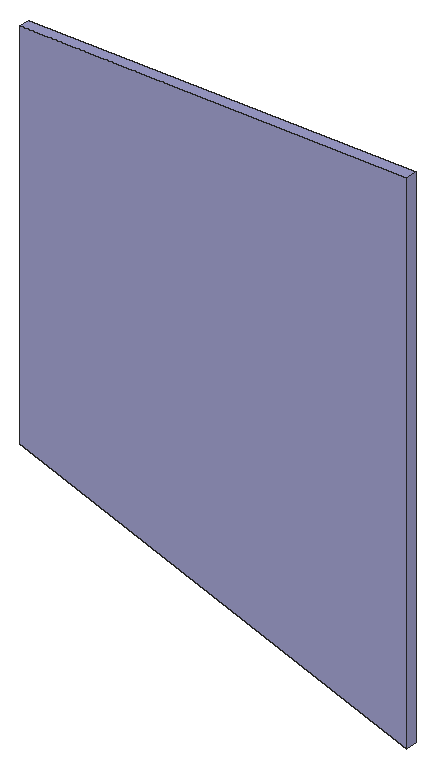
Revit family "EXP_WT-3_CPan-004", category Curtain Panels, Revit 2021
Family settings
  OmniClass Number = 23.25.20.14.11.11.17
  OmniClass Title = Infill Panels
  Always vertical = Yes
  Cut with Voids When Loaded = No
  Shared = No
Parameters
  UI-UnitNumber [instance] = "001"
  UI-Quadrant [instance] = "SE"
  UI-ProjectAbbreviation = "NEU"
  UI-ItemCategory = "PID"
  UI-FloorNumber [instance] = "03"
  PNT-WallType = "WT3"
  PNT-ProjectAbbreviation = "NEU"
  PNT-PanelType [instance] = "01"
  PNT-ItemCategory = "PNL"
  GlassSPH [instance] = 0' - 2 3/8"
  GlassH1 = IG-9F(Glass)
  Define Thermal Properties by = Schematic Type
  CellSxH1 [instance] = CellSxH  # 9' - 8.09616"
  CellSxH [instance] = 9' - 8.09616"
  CellSp = 0' - 11"
  CellL [instance] = 7' - 4"
  CellH [instance] = 15' - 11 1/2"
  CellDxH1 [instance] = CellDxH  # 7' - 1.09616"
  CellDxH [instance] = 7' - 1.09616"
  Analytic Construction = "<None>"
Reference planes (in)
  plane 1 "Center (Front/Back)": y = 0
  plane 2: z = 0
  plane 3 "Center (Left/Right)": x = 0
  plane 4 "Left": x = -44
  plane 5 "Right": x = 44
  plane 6 "Top": z = 191.5
  plane 7: y = -11
  plane 8: z = 75.40384
  plane 9: z = 106.40384
Forms (in)
  Extrusion 1, solid, material "IG-9F(Glass)" <- "GlassH1", detail levels coarse+medium
    sketch origin (0, 0, 0) x (1, 0, 0) y (0, 0, 1)
      loop
        line (44, 191.5) -> (-44, 191.5) -> (-44, 106.40384) -> (44, 75.40384) -> (44, 191.5)
    from 0 to 11
Lines and regions (in)
  reference lines
    curve 1: line (44, 0, 75.40384) -> (-44, 0, 106.40384)
Text (in)
  text "Exterior" at (-92.59733, 55.75508, 0), in view "Ref. Level"
  text "Exterior" at (0, 90.18664, 173.49264), in view "Left"
  text "Exterior" at (0, 52.29083, 162.21847), in view "Right"
Dimensions and locks (in)
  equal spacing: plane 4 "Left", plane 3 "Center (Left/Right)", plane 5 "Right"  (x2)
  "CellL": plane 4 "Left" to plane 5 "Right"
  "CellH": plane 2 to plane 6 "Top"
  "CellSp": plane 7 to plane 1 "Center (Front/Back)"
  "CellSxH": plane 8 to plane 6 "Top"
  "CellDxH": plane 9 to plane 6 "Top"
  aligned and locked: level to plane 2
  aligned and locked: plane 5 "Right" to Extrusion 1 sketch curve
  aligned and locked: Extrusion 1 sketch curve to curve 1
  aligned and locked: plane 4 "Left" to Extrusion 1 sketch curve
  aligned and locked: plane 6 "Top" to Extrusion 1 sketch curve
  aligned and locked: Extrusion 1 to plane 7
  aligned and locked: Extrusion 1 to plane 1 "Center (Front/Back)"
  aligned and locked: plane 1 "Center (Front/Back)" to nested 1
  aligned and locked: nested 1 to plane 6 "Top"
  aligned and locked: plane 9 to nested 1
  aligned and locked: plane 8 to nested 1
  aligned and locked: plane 5 "Right" to nested 1
  aligned and locked: plane 4 "Left" to nested 1
Automatic sketch dimensions
  plane 4 "Left" to curve 1 = 0' - 0"
  plane 5 "Right" to curve 1 = 0' - 0"
  curve 1 to plane 8 = 0' - 0"
  curve 1 to plane 9 = 0' - 0"
Nested families (in)
  nested 1: "EXP_WT-1x_IG-004" at (0, 0, 141.75708), MaterialGlass <- "GlassH1", GlassSP <- "GlassSPH", type "EXP_WT-1x_IG-004", detail levels fine
    with MaterialGlass IG-9F(Glass), GlassSP 0' - 2 3/8", GlassL 7' - 3", CellSxH 7' - 1.09616", CellL 7' - 4", CellH 8' - 3.48584", CellDxH 9' - 8.09616", GlassHSX 7' - 0 31/128", GlassHDX 9' - 6.88991", GlassAngleB 70.594°, GlassAngleA 109.406°
Definition of nested family "EXP_WT-1x_IG-004"
  Parameters (values of type "H_GlassSP 2 3/8"")
    MaterialGlass [instance] = none
    GlassSP [instance] = 0' - 2 3/8"
    GlassL [instance] = CellL - (GlassD1 + GlassD3)  # 4' - 2.9685"
    GlassHSX [instance] = 5' - 6.55229"
    GlassHDX [instance] = 4' - 3.87954"
    GlassD4 = 0' - 0 1/2"
    GlassD3 = 0' - 0 1/2"
    GlassD2 = 0' - 0 1/2"
    GlassD1 = 0' - 0 1/2"
    GlassAngleB [instance] = 106.06°
    GlassAngleA [instance] = 73.94°
    GMPI-ProjectAbbreviation = "NEU"
    GMPI-IteamCategory = "GLS"
    DistanceFacade = 0' - 4.72441"
    Default Elevation = 0' - 0"
    CellSxH [instance] = 5' - 7.71654"
    CellL [instance] = 4' - 3.9685"
    CellH [instance] = 6' - 8.58489"
    CellDxH [instance] = 4' - 4.75591"
  Reference planes (in)
    plane 1 "Center (Front/Back)": y = 0
    plane 2: z = 0
    plane 3 "Center (Left/Right)": x = 0
    plane 4: x = -25.98425
    plane 5: x = 25.98425
    plane 6: z = 40.29245
    plane 7: x = -25.48425
    plane 8: x = 25.48425
    plane 9: z = -40.29245
    plane 10: z = -12.46346
    plane 11: z = -27.42409
    plane 12: z = 39.79245
  Forms (in)
    Extrusion 1, solid, material <- "MaterialGlass"
      sketch origin (0, 0, 0) x (1, 0, 0) y (0, 0, 1)
        loop
          line (-25.48425, 39.79245) -> (-25.48425, -26.75984) -> (25.48425, -12.08709) -> (25.48425, 39.79245) -> (-25.48425, 39.79245)
      from 0 to 2.375 <- "GlassSP"
  Lines and regions (in)
    reference lines
      curve 1: line (-25.98425, 0, -27.42409) -> (25.98425, 0, -12.46346)
      curve 2: line (-26.311, 0, -26.99785) -> (25.65751, 0, -12.03722)
  Dimensions and locks (in)
    equal spacing: plane 6, level, plane 9
    "CellH": plane 6 to plane 9
    equal spacing: plane 4, plane 3 "Center (Left/Right)", plane 5
    "CellL": plane 4 to plane 5
    "GlassD1": plane 4 to plane 7
    "GlassD3": plane 5 to plane 8
    "CellSxH": plane 6 to plane 11
    "CellDxH": plane 6 to plane 10
    "GlassD2": plane 6 to plane 12
    "GlassD4": curve 1 to curve 2
    "GlassD4": curve 1 to Extrusion 1 sketch curve
    "GlassHSX": plane 12 to Extrusion 1
    "GlassHDX": plane 12 to Extrusion 1
    "GlassAngleA": angle Extrusion 1 to Extrusion 1
    "GlassAngleB": angle Extrusion 1 to Extrusion 1
    aligned and locked: level to plane 2
    aligned and locked: Extrusion 1 sketch curve to plane 7
    aligned and locked: Extrusion 1 sketch curve to plane 12
    aligned and locked: Extrusion 1 sketch curve to plane 8
  Automatic sketch dimensions
    plane 4 to curve 1 = 0' - 0"
    plane 5 to curve 1 = 0' - 0"
    curve 1 to plane 11 = 0' - 0"
    curve 1 to plane 10 = 0' - 0"
    plane 4 to curve 2 = 0' - 0.32674"
    plane 5 to curve 2 = 0' - 0.32674"
